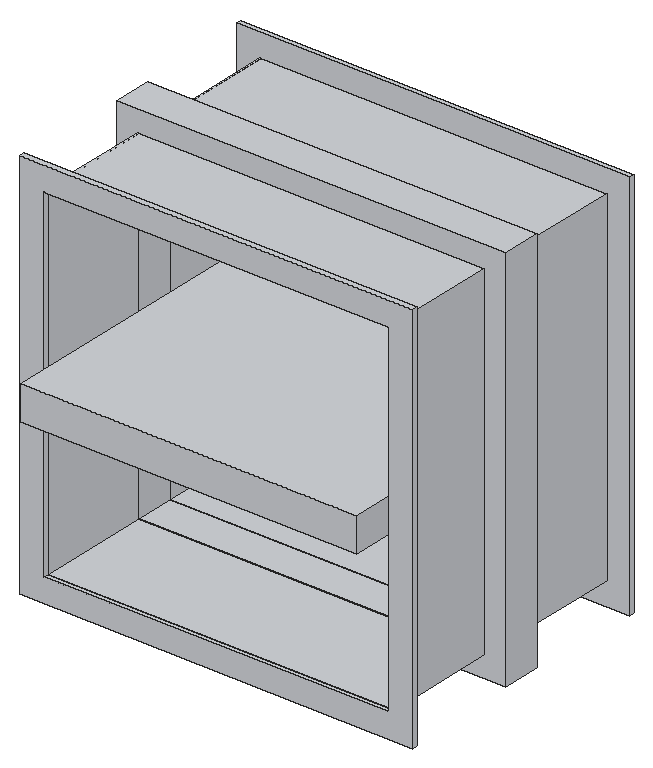
Revit family "MADEL_DAMPER_FIRE PROTECTION_FOK-EIS-120", category Accesorios de conductos, Revit 2015
Parameters (values of type "FOK-EIS-120-H 500x500")
  n_factor = 26.481  # constant formula
  m_factor = 2.161  # constant formula
  c_factor = 4.9567  # constant formula
  b_factor = -0.349  # constant formula
  Vmin = 1.0 m/s  # constant formula
  Vmed = (Vmax + Vmin) / 2  # 4.5 m/s
  Vmax = 8.0 m/s  # constant formula
  V[m/s] [instance] = Q / Afree / 1.0 m/s  # 4.5
  URL = "http://www.madel.com/en/producto/fok-eis-120-dampers-classed-eis-120-with-external-filler/"
  Standard = "UNE-EN 1366-2 / UNE-EN 13501-3"  # constant formula
  Revit Version = "Revit 2015 - English"  # constant formula
  Review Date = "11/2016"  # constant formula
  Q min = Vmin * Afree  # 710.64 m³/h
  Q max = Vmax * Afree  # 5685.12 m³/h
  Q [instance] = 3197.88 m³/h
  Product Type [instance] = Modelo  # "FOK-EIS-120-H 500x500"
  Product Size = "500x500"
  Product Reference [instance] = if(not(H > L), if(and(L = 1100.0 mm, H = 600.0 mm, MA), "Consult Manufacturer", if(and(L = 1200.0 mm, H = 600.0 mm, MA), "Consult Manufacturer", if(and(L = 1300.0 mm, H = 600.0 mm, MA), "Consult Manufacturer", if(and(L = 1400.0 mm, H = 600.0 mm, MA), "Consult Manufacturer", if(and(L = 1500.0 mm, H = 600.0 mm, MA), "Consult Manufacturer", if(MA, if(and(H > 199.0 mm, H < 601.0 mm), if(and(L > 199.0 mm, L < 1501.0 mm), if(Nº Options = 2, if(FBC, "FOK-EIS-120-H-MA-FBC", if(FBA, "FOK-EIS-120-H-MA-FBA", if(FEC, "FOK-EIS-120-H-MA-FEC", if(FEA, "FOK-EIS-120-H-MA-FEA", if(PIF, "FOK-EIS-120-H-MA-PIF", "Consult Manufacturer"))))), if(PIF, if(Nº Options = 3, if(FBC, "FOK-EIS-120-H-MA-FBC-PIF", if(FBA, "FOK-EIS-120-H-MA-FBA-PIF", if(FEC, "FOK-EIS-120-H-MA-FEC-PIF", if(FEA, "FOK-EIS-120-H-MA-FEA-PIF", "Consult Manufacturer")))), "Consult Manufacturer"), if(Nº Options = 1, "FOK-EIS-120-H-MA", "Consult Manufacturer"))), "Consult Manufacturer"), if(and(H > 601.0 mm, H < 801.0 mm), if(and(L > 199.0 mm, L < 1051.0 mm), if(Nº Options = 2, if(FBC, "FOK-EIS-120-H-MA-FBC", if(FBA, "FOK-EIS-120-H-MA-FBA", if(FEC, "FOK-EIS-120-H-MA-FEC", if(FEA, "FOK-EIS-120-H-MA-FEA", if(PIF, "FOK-EIS-120-H-MA-PIF", "Consult Manufacturer"))))), if(PIF, if(Nº Options = 3, if(FBC, "FOK-EIS-120-H-MA-FBC-PIF", if(FBA, "FOK-EIS-120-H-MA-FBA-PIF", if(FEC, "FOK-EIS-120-H-MA-FEC-PIF", if(FEA, "FOK-EIS-120-H-MA-FEA-PIF", "Consult Manufacturer")))), "Consult Manufacturer"), if(Nº Options = 1, "FOK-EIS-120-H-MA", "Consult Manufacturer"))), "Consult Manufacturer"), "Consult Manufacturer")), if(Nº Options = 2, if([7N], if(MO24V, "FOK-EIS-120-H-M7F24", if(MO230V, "FOK-EIS-120-H-M7F230", "Consult Manufacturer")), if([16N], if(MO24V, "FOK-EIS-120-H-M16F24", if(MO230V, "FOK-EIS-120-H-M16F230", "Consult Manufacturer")), "Consult Manufacturer")), "Consult Manufacturer"))))))), if(MA, if(and(H > 249.0 mm, H < 801.0 mm), if(and(L > 199.0 mm, L < 701.0 mm), if(Nº Options = 2, if(FBC, "FOK-EIS-120-V-MA-FBC", if(FBA, "FOK-EIS-120-V-MA-FBA", if(FEC, "FOK-EIS-120-V-MA-FEC", if(FEA, "FOK-EIS-120-V-MA-FEA", if(PIF, "FOK-EIS-120-V-MA-PIF", "Consult Manufacturer"))))), if(PIF, if(Nº Options = 3, if(FBC, "FOK-EIS-120-V-MA-FBC-PIF", if(FBA, "FOK-EIS-120-V-MA-FBA-PIF", if(FEC, "FOK-EIS-120-V-MA-FEC-PIF", if(FEA, "FOK-EIS-120-V-MA-FEA-PIF", "Consult Manufacturer")))), "Consult Manufacturer"), if(Nº Options = 1, "FOK-EIS-120-V-MA", "Consult Manufacturer"))), "Consult Manufacturer"), if(and(H > 249.0 mm, H < 801.0 mm), if(and(L > 199.0 mm, L < 701.0 mm), if(Nº Options = 2, if(FBC, "FOK-EIS-120-V-MA-FBC", if(FBA, "FOK-EIS-120-V-MA-FBA", if(FEC, "FOK-EIS-120-V-MA-FEC", if(FEA, "FOK-EIS-120-V-MA-FEA", if(PIF, "FOK-EIS-120-V-MA-PIF", "Consult Manufacturer"))))), if(PIF, if(Nº Options = 3, if(FBC, "FOK-EIS-120-V-MA-FBC-PIF", if(FBA, "FOK-EIS-120-V-MA-FBA-PIF", if(FEC, "FOK-EIS-120-V-MA-FEC-PIF", if(FEA, "FOK-EIS-120-V-MA-FEA-PIF", "Consult Manufacturer")))), "Consult Manufacturer"), if(Nº Options = 1, "FOK-EIS-120-V-MA", "Consult Manufacturer"))), "Consult Manufacturer"), "Consult Manufacturer")), if(Nº Options = 2, if([7N], if(MO24V, "FOK-EIS-120-V-M7F24", if(MO230V, "FOK-EIS-120-V-M7F230", "Consult Manufacturer")), if([16N], if(MO24V, "FOK-EIS-120-V-M16F24", if(MO230V, "FOK-EIS-120-V-M16F230", "Consult Manufacturer")), "Consult Manufacturer")), "Consult Manufacturer")))  # "FOK-EIS-120-H-M7F230"
  PIF [instance] = no
  Nº Options [instance] = if(MA, 1, 0) + if(PIF, 1, 0) + if(FBA, 1, 0) + if(FBC, 1, 0) + if(FEC, 1, 0) + if(FEA, 1, 0) + if(MO24V, 1, 0) + if(MO230V, 1, 0) + if([16N], 1, 0) + if([7N], 1, 0)  # 2
  Modelo = "FOK-EIS-120-H 500x500"
  Material Damper = none
  M_V2 [instance] = if(or(MO24V, MO230V), 1 = 0, if(and(or(MA, PIF, FBC, FBA, FEC, FEA), Nº Options < 4), 1 = 1, 1 = 0))  # no
  M_V [instance] = if(M_E > 1.0 mm, 1 = 1, 1 = 0)  # yes
  M_L2 [instance] = if(and(MA, Nº Options < 4), 61.2 mm, if(and([7N], Nº Options < 3), 115.3 mm, if(and([16N], Nº Options < 3), 188.7 mm, 1.0 mm)))  # 115.3 mm
  M_L1 [instance] = if(and(MA, Nº Options < 4), 101.1 mm, if(and([7N], Nº Options < 3), 120.8 mm, if(and([16N], Nº Options < 3), 120.8 mm, 1.0 mm)))  # 120.8 mm
  M_E [instance] = if(and(MA, or(MO24V, MO230V), Nº Options = 3), 1.0 mm, if(and(MA, Nº Options < 4), 20.0 mm, if(and([7N], Nº Options < 3), 28.5 mm, if(and([16N], Nº Options < 3), 36.0 mm, 1.0 mm))))  # 28.5 mm
  M_A2 [instance] = if(and(MA, Nº Options < 4), 57.0 mm, if(and([7N], Nº Options < 3), 60.0 mm, if(and([16N], Nº Options < 3), 60.0 mm, 1.0 mm)))  # 60.0 mm
  M_A1 [instance] = if(and(MA, Nº Options < 4), 61.8 mm, if(and([7N], Nº Options < 3), 60.0 mm, if(and([16N], Nº Options < 3), 60.0 mm, 1.0 mm)))  # 60.0 mm
  MO24V [instance] = no
  MO230V [instance] = yes
  MA [instance] = if(or(MO24V, MO230V), 1 = 0, 1 = 1)  # no
  Lw (dB(A)) [instance] = n_factor * (log([V[m/s]]) / log(2.7183)) + c_factor + Kf  # 40.6058
  L = 500.0 mm
  Kr = 0.49519
  Kf = -4.1803
  Imagen de tipo = (empty or 0)
  IfcExportType = "IfcDamperType"  # constant formula
  IfcExportAs = "IfcDamperType"  # constant formula
  H = 500.0 mm
  Fabricante = "MADEL"  # constant formula
  Family Version = "1.0"  # constant formula
  FEC [instance] = no
  FEA [instance] = no
  FBC [instance] = no
  FBA [instance] = no
  Descripción = "MADEL_Dampers classed EIS-120 with external filler"  # constant formula
  DPt [instance] = (10 ^ (log([V[m/s]]) * m_factor + b_factor)) * Kr * 1.0 Pa  # 5.71923 Pa
  Comentarios de tipo = "Fire dampers for rectangular duct mounting. Dampers for horizontal assembly, tested and classed EIS-120 (Integrity, Insulation and smoke leakage during 120 minutes in accordance to the European standard EN-1366-2, to comply with building regulations for fire safety. Dampers with shutting mechanism by thermal fusible link at 72ºC. An expanding joint together an air-tightness joint, as much prevent the propagation of smoke to high as to low temperature."  # constant formula
  Created by = "BIMETRICAL"  # constant formula
  BIMETRICAL Category = "Damper"  # constant formula
  BIMETRICAL = "http://www.bimetrical.com"  # constant formula
  Afree = ((H - 30.0 mm) * (L - 30.0 mm) - 50.0 mm * (L - 30.0 mm))  # 0.1974 m²
  7N [instance] = if(and(MO24V, or(and(H > 199.0 mm, H < 551.0 mm, L > 199.0 mm, L < 1501.0 mm), and(H > 551.0 mm, H < 801.0 mm, L > 199.0 mm, L < 1251.0 mm))), 1 = 1, if(and(MO230V, or(and(H > 199.0 mm, H < 551.0 mm, L > 199.0 mm, L < 1501.0 mm), and(H > 551.0 mm, H < 801.0 mm, L > 199.0 mm, L < 1251.0 mm))), 1 = 1, if(and(MO24V, or(and(H = 900.0 mm, L > 199.0 mm, L < 601.0 mm), and(H = 1000.0 mm, L > 199.0 mm, L < 601.0 mm))), 1 = 1, if(and(MO230V, or(and(H = 900.0 mm, L > 199.0 mm, L < 601.0 mm), and(H = 1000.0 mm, L > 199.0 mm, L < 601.0 mm))), 1 = 1, 1 = 0))))  # yes
  16N [instance] = if(and(MO24V, and(H > 551.0 mm, H < 801.0 mm, L > 1251.0 mm, L < 1501.0 mm)), 1 = 1, if(and(MO230V, and(H > 551.0 mm, H < 801.0 mm, L > 1251.0 mm, L < 1501.0 mm)), 1 = 1, 1 = 0))  # no
Reference planes
  plane 1 "0": z = 0
  plane 2 "Centro (Frontal/Posterior)": y = 245
  plane 3 "Centro (Izquierda/Derecha)": x = 0
  plane 4: z = 285
  plane 5: z = 250
  plane 6: z = 230
  plane 7: z = -285
  plane 8: z = -250
  plane 9: z = -230
  plane 10: x = -250
  plane 11: x = -285
  plane 12: x = 230
  plane 13: x = 250
  plane 14: x = 285
  plane 15: z = 25
  plane 16: z = -25
  plane 17: y = -5
  plane 18: y = 495
  plane 19: y = 445
  plane 20: y = 438
  plane 21: y = 45
  plane 22: y = 52
  plane 23: y = 45
  plane 24: y = 216.5
  plane 25: y = 273.5
  plane 26: y = 306
  plane 27: y = 426
  plane 28: z = 120.8
  plane 29: z = -115.3
  plane 30: x = -279.7
  plane 31: y = 366
  plane 32: x = -251.2
  plane 33: x = -296.3
  plane 34: x = -244.2
  plane 35: x = 244.2
Forms (mm)
  Extrusion 1, solid, material <- "Material Damper"
    sketch origin (0, 245, 5) x (1, 0, 0) y (0, 0, 1)
      loop
        line (-285, 280) -> (-285, -290) -> (285, -290) -> (285, 280) -> (-285, 280)
      loop
        line (-250, -255) -> (250, -255) -> (250, 245) -> (-250, 245) -> (-250, -255)
    from 193 to 200
  Extrusion 2, solid, material <- "Material Damper"
    sketch origin (0, 595, 5) x (1, 0, 0) y (0, 0, 1)
      loop
        line (-285, 280) -> (-285, -290) -> (285, -290) -> (285, 280) -> (-285, 280)
      loop
        line (-250, -255) -> (250, -255) -> (250, 245) -> (-250, 245) -> (-250, -255)
    from 150 to 157
  Extrusion 3, solid, material <- "Material Damper"
    sketch origin (0, 245, 5) x (1, 0, 0) y (0, 0, 1)
      loop
        line (-250, 245) -> (-250, -255) -> (250, -255) -> (250, 245) -> (-250, 245)
      loop
        line (-251.2, 246.2) -> (-251.2, -256.2) -> (251.2, -256.2) -> (251.2, 246.2) -> (-251.2, 246.2)
    from -193 to -28.5
  Extrusion 4, solid, material <- "Material Damper"
    sketch origin (0, 245, 5) x (1, 0, 0) y (0, 0, 1)
      loop
        line (-244.2, 20) -> (-244.2, -30) -> (244.2, -30) -> (244.2, 20) -> (-244.2, 20)
    from -250 to 250
  Extrusion 5, solid, visible <- "M_V"
    sketch origin (0, 0, 0) x (0, 1, 0) y (0, 0, 1)
      loop
        line (426, 120.8) -> (306, 120.8) -> (306, -115.3) -> (426, -115.3) -> (426, 120.8)
    from -279.7 to -251.2
  Extrusion 6, solid, visible <- "M_V2"
    sketch origin (0, 0, 0) x (0, 1, 0) y (0, 0, 1)
      loop
        circle (366, 25) r 15
    from -296.3 to -279.7
  Extrusion 7, solid, material <- "Material Damper"
    sketch origin (0, 45, 5) x (1, 0, 0) y (0, 0, 1)
      loop
        line (-250, 245) -> (-250, -255) -> (250, -255) -> (250, 245) -> (-250, 245)
      loop
        line (-251.2, 246.2) -> (-251.2, -256.2) -> (251.2, -256.2) -> (251.2, 246.2) -> (-251.2, 246.2)
    from -171.5 to -7
  Extrusion 8, solid, material <- "Material Damper"
    sketch origin (0, 245, 5) x (1, 0, 0) y (0, 0, 1)
      loop
        line (250, -255) -> (250, 245) -> (-250, 245) -> (-250, -255) -> (250, -255)
      loop
        line (-282, -287) -> (282, -287) -> (282, 277) -> (-282, 277) -> (-282, -287)
    from -28.5 to 28.5
Dimensions and locks
  locked: Extrusion 3 sketch curve to plane 5 at 1.2
  locked: Extrusion 3 sketch curve to plane 13 at 1.2
  locked: plane 8 to Extrusion 3 sketch curve at 1.2
  "L": plane 10 to plane 13
  locked: plane 15 to plane 16 at 50
  equal spacing: plane 15, plane 1 "0", plane 16
  equal spacing: plane 5, plane 1 "0", plane 8
  equal spacing: plane 10, plane 3 "Centro (Izquierda/Derecha)", plane 13
  locked: plane 23 to plane 22 at 7
  locked: plane 20 to plane 19 at 7
  locked: plane 11 to plane 10 at 35
  locked: plane 14 to plane 13 at 35
  locked: plane 8 to plane 7 at 35
  "H": plane 5 to plane 8
  locked: plane 4 to plane 5 at 35
  "H": plane 17 to plane 18
  equal spacing: plane 17, plane 2 "Centro (Frontal/Posterior)", plane 18
  locked: plane 23 to plane 19 at 400
  locked: plane 31 to plane 2 "Centro (Frontal/Posterior)" at 121
  "M_A2": plane 31 to plane 26
  "M_A1": plane 27 to plane 31
  "M_L2": plane 29 to plane 1 "0"
  "M_L1": plane 1 "0" to plane 28
  plane 32 to plane 10 = 1.2 mm
  "M_E": plane 30 to plane 32
  locked: plane 33 to plane 30 at 16.6
  equal spacing: plane 34, plane 3 "Centro (Izquierda/Derecha)", plane 35
  locked: plane 32 to plane 34 at 7
  locked: plane 8 to Extrusion 8 sketch curve at 32
  locked: Extrusion 8 sketch curve to plane 5 at 32
  locked: Extrusion 1 to Extrusion 8 sketch curve at 32  (x2)
  locked: Extrusion 7 sketch curve to Extrusion 1 at 1.2
  locked: Extrusion 1 to Extrusion 7 sketch curve at 1.2  (x3)
  aligned and locked: Extrusion 1 sketch curve to plane 4
  aligned and locked: Extrusion 1 sketch curve to plane 11
  aligned and locked: Extrusion 1 sketch curve to plane 7
  aligned and locked: Extrusion 1 sketch curve to plane 14
  aligned and locked: plane 8 to Extrusion 1 sketch curve
  aligned and locked: plane 10 to Extrusion 1 sketch curve
  aligned and locked: plane 5 to Extrusion 1 sketch curve
  aligned and locked: plane 13 to Extrusion 1 sketch curve
  aligned and locked: Extrusion 1 to plane 21
  aligned and locked: plane 22 to Extrusion 1
  aligned and locked: Extrusion 2 to plane 19
  aligned and locked: plane 20 to Extrusion 2
  aligned and locked: Extrusion 3 sketch curve to Extrusion 1
  aligned and locked: Extrusion 3 to plane 20
  aligned and locked: Extrusion 3 sketch curve to plane 8
  aligned and locked: Extrusion 3 sketch curve to plane 13
  aligned and locked: Extrusion 4 sketch curve to plane 15
  aligned and locked: Extrusion 4 sketch curve to plane 16
  aligned and locked: Extrusion 4 to plane 17
  aligned and locked: Extrusion 4 to plane 18
  aligned and locked: plane 28 to Extrusion 5 sketch curve
  aligned and locked: Extrusion 5 sketch curve to plane 27
  aligned and locked: Extrusion 5 sketch curve to plane 29
  aligned and locked: plane 26 to Extrusion 5 sketch curve
  aligned and locked: plane 30 to Extrusion 5
  aligned and locked: plane 31 to Extrusion 6 sketch curve
  aligned and locked: plane 33 to Extrusion 6
  aligned and locked: Extrusion 6 to Extrusion 5
  aligned and locked: plane 15 to Extrusion 6 sketch curve
  aligned and locked: Extrusion 4 sketch curve to plane 34
  aligned and locked: Extrusion 4 sketch curve to plane 35
  aligned and locked: plane 25 to Extrusion 3
  aligned and locked: Extrusion 7 to plane 22
  aligned and locked: plane 24 to Extrusion 7
  aligned and locked: Extrusion 8 sketch curve to plane 10
  aligned and locked: Extrusion 8 sketch curve to plane 5
  aligned and locked: Extrusion 8 sketch curve to plane 13
  aligned and locked: Extrusion 8 sketch curve to plane 8
  aligned and locked: Extrusion 8 to plane 25
  aligned and locked: Extrusion 8 to plane 24
  aligned and locked: Extrusion 3 sketch curve to plane 32
  aligned and locked: Extrusion 5 to plane 32
Automatic sketch dimensions
  Extrusion 2 sketch curve to plane 7 = 0.0 mm
  plane 11 to Extrusion 2 sketch curve = 0.0 mm
  Extrusion 2 sketch curve to plane 8 = 0.0 mm
  plane 10 to Extrusion 2 sketch curve = 0.0 mm
  Extrusion 2 sketch curve to plane 13 = 0.0 mm
  Extrusion 2 sketch curve to plane 4 = 0.0 mm
  Extrusion 2 sketch curve to plane 14 = 0.0 mm
  Extrusion 2 sketch curve to plane 5 = 0.0 mm
  Extrusion 7 sketch curve to plane 8 = 0.0 mm
  plane 10 to Extrusion 7 sketch curve = 0.0 mm
  Extrusion 7 sketch curve to plane 13 = 0.0 mm
  Extrusion 7 sketch curve to plane 5 = 0.0 mm
  plane 10 to Extrusion 3 sketch curve = 0.0 mm
  radius of Extrusion 6 sketch curve = 15.0 mm
Connectors
  hvac at (0, 445, 0), driven by "H", driven by "L", driven by "Q"
    settings: on Extrusion 2, index 1, duct flow 3197.88 m³/h, flow factor 0, pres drop 0.0 Pa, loss coef 0, conn angle 0.00°, conn width 500 mm, conn height 500 mm, conn diameter 609.6 mm, duct sys type 29, conn prof type 1, flow config 0, flow direction 0, loss method 4, conn ref index -1, conn util no, is conn primary yes, conn desc ""
  hvac at (0, 45, 0), driven by "H", driven by "L", driven by "DPt", driven by "Q"
    settings: on Extrusion 1, index 2, duct flow 3197.88 m³/h, flow factor 0, pres drop 5.71923 Pa, loss coef 0, conn angle 0.00°, conn width 500 mm, conn height 500 mm, conn diameter 609.6 mm, duct sys type 29, conn prof type 1, flow config 0, flow direction 0, loss method 4, conn ref index -1, conn util no, is conn primary no, conn desc ""
Types (198, lengths in mm): name | Q min | Q max | Q | Product Type | Product Size | Product Reference | Modelo | M_L2 | M_E | Lw (dB(A)) | L | Kr | Kf | H | DPt | Afree | 7N | 16N
  FOK-EIS-120-H 1500x800 | 3810.24 m³/h | 30481.9 m³/h | 17146.1 m³/h | "FOK-EIS-120-H 1500x800" | "1500x800" | "FOK-EIS-120-H-M16F230" | "FOK-EIS-120-H 1500x800" | 188.7 | 36.0 | 49.5751 | 1500.0 | 0.24688 | 4.7889 | 800.0 | 2.85135 Pa | 1.0584 m² | no | yes
  FOK-EIS-120-H 1400x800 | 3551.04 m³/h | 28408.3 m³/h | 15979.7 m³/h | "FOK-EIS-120-H 1400x800" | "1400x800" | "FOK-EIS-120-H-M16F230" | "FOK-EIS-120-H 1400x800" | 188.7 | 36.0 | 49.5751 | 1400.0 | 0.24688 | 4.7889 | 800.0 | 2.85135 Pa | 0.9864 m² | no | yes
  FOK-EIS-120-H 1300x800 | 3291.84 m³/h | 26334.7 m³/h | 14813.3 m³/h | "FOK-EIS-120-H 1300x800" | "1300x800" | "FOK-EIS-120-H-M16F230" | "FOK-EIS-120-H 1300x800" | 188.7 | 36.0 | 49.5751 | 1300.0 | 0.24766 | 4.7889 | 800.0 | 2.86041 Pa | 0.9144 m² | no | yes
  FOK-EIS-120-H 1200x800 | 3032.64 m³/h | 24261.1 m³/h | 13646.9 m³/h | "FOK-EIS-120-H 1200x800" | "1200x800" | "FOK-EIS-120-H-M7F230" | "FOK-EIS-120-H 1200x800" | 115.3 | 28.5 | 49.5751 | 1200.0 | 0.2526 | 4.7889 | 800.0 | 2.91737 Pa | 0.8424 m² | yes | no
  FOK-EIS-120-H 1100x800 | 2773.44 m³/h | 22187.5 m³/h | 12480.5 m³/h | "FOK-EIS-120-H 1100x800" | "1100x800" | "FOK-EIS-120-H-M7F230" | "FOK-EIS-120-H 1100x800" | 115.3 | 28.5 | 49.4988 | 1100.0 | 0.26201 | 4.7126 | 800.0 | 3.02614 Pa | 0.7704 m² | yes | no
  FOK-EIS-120-H 1000x800 | 2514.24 m³/h | 20113.9 m³/h | 11314.1 m³/h | "FOK-EIS-120-H 1000x800" | "1000x800" | "FOK-EIS-120-H-M7F230" | "FOK-EIS-120-H 1000x800" | 115.3 | 28.5 | 49.1131 | 1000.0 | 0.27592 | 4.327 | 800.0 | 3.18673 Pa | 0.6984 m² | yes | no
  FOK-EIS-120-H 900x800 | 2255.04 m³/h | 18040.3 m³/h | 10147.7 m³/h | "FOK-EIS-120-H 900x800" | "900x800" | "FOK-EIS-120-H-M7F230" | "FOK-EIS-120-H 900x800" | 115.3 | 28.5 | 48.4165 | 900.0 | 0.29431 | 3.6304 | 800.0 | 3.39911 Pa | 0.6264 m² | yes | no
  FOK-EIS-120-H 800x800 | 1995.84 m³/h | 15966.7 m³/h | 8981.28 m³/h | "FOK-EIS-120-H 800x800" | "800x800" | "FOK-EIS-120-H-M7F230" | "FOK-EIS-120-H 800x800" | 115.3 | 28.5 | 47.4091 | 800.0 | 0.31718 | 2.6229 | 800.0 | 3.66331 Pa | 0.5544 m² | yes | no
  FOK-EIS-120-H 1500x700 | 3281.04 m³/h | 26248.3 m³/h | 14764.7 m³/h | "FOK-EIS-120-H 1500x700" | "1500x700" | "FOK-EIS-120-H-M16F230" | "FOK-EIS-120-H 1500x700" | 188.7 | 36.0 | 49.5751 | 1500.0 | 0.24925 | 4.7889 | 700.0 | 2.87868 Pa | 0.9114 m² | no | yes
  FOK-EIS-120-H 1400x700 | 3057.84 m³/h | 24462.7 m³/h | 13760.3 m³/h | "FOK-EIS-120-H 1400x700" | "1400x700" | "FOK-EIS-120-H-M16F230" | "FOK-EIS-120-H 1400x700" | 188.7 | 36.0 | 49.5751 | 1400.0 | 0.24925 | 4.7889 | 700.0 | 2.87868 Pa | 0.8494 m² | no | yes
  FOK-EIS-120-H 1300x700 | 2834.64 m³/h | 22677.1 m³/h | 12755.9 m³/h | "FOK-EIS-120-H 1300x700" | "1300x700" | "FOK-EIS-120-H-M16F230" | "FOK-EIS-120-H 1300x700" | 188.7 | 36.0 | 49.5751 | 1300.0 | 0.24981 | 4.7889 | 700.0 | 2.88517 Pa | 0.7874 m² | no | yes
  FOK-EIS-120-H 1200x700 | 2611.44 m³/h | 20891.5 m³/h | 11751.5 m³/h | "FOK-EIS-120-H 1200x700" | "1200x700" | "FOK-EIS-120-H-M7F230" | "FOK-EIS-120-H 1200x700" | 115.3 | 28.5 | 49.5751 | 1200.0 | 0.25431 | 4.7889 | 700.0 | 2.93717 Pa | 0.7254 m² | yes | no
  FOK-EIS-120-H 1100x700 | 2388.24 m³/h | 19105.9 m³/h | 10747.1 m³/h | "FOK-EIS-120-H 1100x700" | "1100x700" | "FOK-EIS-120-H-M7F230" | "FOK-EIS-120-H 1100x700" | 115.3 | 28.5 | 49.4988 | 1100.0 | 0.26332 | 4.7126 | 700.0 | 3.04118 Pa | 0.6634 m² | yes | no
  FOK-EIS-120-H 1000x700 | 2165.04 m³/h | 17320.3 m³/h | 9742.68 m³/h | "FOK-EIS-120-H 1000x700" | "1000x700" | "FOK-EIS-120-H-M7F230" | "FOK-EIS-120-H 1000x700" | 115.3 | 28.5 | 49.1131 | 1000.0 | 0.27682 | 4.327 | 700.0 | 3.19721 Pa | 0.6014 m² | yes | no
  FOK-EIS-120-H 900x700 | 1941.84 m³/h | 15534.7 m³/h | 8738.28 m³/h | "FOK-EIS-120-H 900x700" | "900x700" | "FOK-EIS-120-H-M7F230" | "FOK-EIS-120-H 900x700" | 115.3 | 28.5 | 48.4165 | 900.0 | 0.29484 | 3.6304 | 700.0 | 3.40525 Pa | 0.5394 m² | yes | no
  FOK-EIS-120-H 800x700 | 1718.64 m³/h | 13749.1 m³/h | 7733.88 m³/h | "FOK-EIS-120-H 800x700" | "800x700" | "FOK-EIS-120-H-M7F230" | "FOK-EIS-120-H 800x700" | 115.3 | 28.5 | 47.4091 | 800.0 | 0.31735 | 2.6229 | 700.0 | 3.6653 Pa | 0.4774 m² | yes | no
  FOK-EIS-120-H 700x700 | 1495.44 m³/h | 11963.5 m³/h | 6729.48 m³/h | "FOK-EIS-120-H 700x700" | "700x700" | "FOK-EIS-120-H-M7F230" | "FOK-EIS-120-H 700x700" | 115.3 | 28.5 | 46.0907 | 700.0 | 0.34437 | 1.3045 | 700.0 | 3.97736 Pa | 0.4154 m² | yes | no
  FOK-EIS-120-H 1500x600 | 2751.84 m³/h | 22014.7 m³/h | 12383.3 m³/h | "FOK-EIS-120-H 1500x600" | "1500x600" | "FOK-EIS-120-H-M16F230" | "FOK-EIS-120-H 1500x600" | 188.7 | 36.0 | 48.9788 | 1500.0 | 0.28003 | 4.1926 | 600.0 | 3.23421 Pa | 0.7644 m² | no | yes
  FOK-EIS-120-H 1400x600 | 2564.64 m³/h | 20517.1 m³/h | 11540.9 m³/h | "FOK-EIS-120-H 1400x600" | "1400x600" | "FOK-EIS-120-H-M16F230" | "FOK-EIS-120-H 1400x600" | 188.7 | 36.0 | 48.9788 | 1400.0 | 0.28003 | 4.1926 | 600.0 | 3.23421 Pa | 0.7124 m² | no | yes
  FOK-EIS-120-H 1300x600 | 2377.44 m³/h | 19019.5 m³/h | 10698.5 m³/h | "FOK-EIS-120-H 1300x600" | "1300x600" | "FOK-EIS-120-H-M16F230" | "FOK-EIS-120-H 1300x600" | 188.7 | 36.0 | 48.9788 | 1300.0 | 0.28041 | 4.1926 | 600.0 | 3.23859 Pa | 0.6604 m² | no | yes
  FOK-EIS-120-H 1200x600 | 2190.24 m³/h | 17521.9 m³/h | 9856.08 m³/h | "FOK-EIS-120-H 1200x600" | "1200x600" | "FOK-EIS-120-H-M7F230" | "FOK-EIS-120-H 1200x600" | 115.3 | 28.5 | 48.9788 | 1200.0 | 0.28447 | 4.1926 | 600.0 | 3.28551 Pa | 0.6084 m² | yes | no
  FOK-EIS-120-H 1100x600 | 2003.04 m³/h | 16024.3 m³/h | 9013.68 m³/h | "FOK-EIS-120-H 1100x600" | "1100x600" | "FOK-EIS-120-H-M7F230" | "FOK-EIS-120-H 1100x600" | 115.3 | 28.5 | 48.9069 | 1100.0 | 0.29294 | 4.1208 | 600.0 | 3.38332 Pa | 0.5564 m² | yes | no
  FOK-EIS-120-H 1000x600 | 1815.84 m³/h | 14526.7 m³/h | 8171.28 m³/h | "FOK-EIS-120-H 1000x600" | "1000x600" | "FOK-EIS-120-H-M7F230" | "FOK-EIS-120-H 1000x600" | 115.3 | 28.5 | 48.5314 | 1000.0 | 0.30581 | 3.7452 | 600.0 | 3.532 Pa | 0.5044 m² | yes | no
  FOK-EIS-120-H 900x600 | 1628.64 m³/h | 13029.1 m³/h | 7328.88 m³/h | "FOK-EIS-120-H 900x600" | "900x600" | "FOK-EIS-120-H-M7F230" | "FOK-EIS-120-H 900x600" | 115.3 | 28.5 | 47.8467 | 900.0 | 0.32309 | 3.0605 | 600.0 | 3.73157 Pa | 0.4524 m² | yes | no
  FOK-EIS-120-H 800x600 | 1441.44 m³/h | 11531.5 m³/h | 6486.48 m³/h | "FOK-EIS-120-H 800x600" | "800x600" | "FOK-EIS-120-H-M7F230" | "FOK-EIS-120-H 800x600" | 115.3 | 28.5 | 46.8528 | 800.0 | 0.34478 | 2.0666 | 600.0 | 3.98203 Pa | 0.4004 m² | yes | no
  FOK-EIS-120-H 700x600 | 1254.24 m³/h | 10033.9 m³/h | 5644.08 m³/h | "FOK-EIS-120-H 700x600" | "700x600" | "FOK-EIS-120-H-M7F230" | "FOK-EIS-120-H 700x600" | 115.3 | 28.5 | 45.5497 | 700.0 | 0.37087 | 0.76356 | 600.0 | 4.28336 Pa | 0.3484 m² | yes | no
  FOK-EIS-120-H 600x600 | 1067.04 m³/h | 8536.32 m³/h | 4801.68 m³/h | "FOK-EIS-120-H 600x600" | "600x600" | "FOK-EIS-120-H-M7F230" | "FOK-EIS-120-H 600x600" | 115.3 | 28.5 | 43.9375 | 600.0 | 0.40136 | -0.84866 | 600.0 | 4.63558 Pa | 0.2964 m² | yes | no
  FOK-EIS-120-H 1500x550 | 2487.24 m³/h | 19897.9 m³/h | 11192.6 m³/h | "FOK-EIS-120-H 1500x550" | "1500x550" | "FOK-EIS-120-H-M7F230" | "FOK-EIS-120-H 1500x550" | 115.3 | 28.5 | 48.3627 | 1500.0 | 0.30845 | 3.5765 | 550.0 | 3.56241 Pa | 0.6909 m² | yes | no
  FOK-EIS-120-H 1400x550 | 2318.04 m³/h | 18544.3 m³/h | 10431.2 m³/h | "FOK-EIS-120-H 1400x550" | "1400x550" | "FOK-EIS-120-H-M7F230" | "FOK-EIS-120-H 1400x550" | 115.3 | 28.5 | 48.3627 | 1400.0 | 0.30845 | 3.5765 | 550.0 | 3.56241 Pa | 0.6439 m² | yes | no
  FOK-EIS-120-H 1300x550 | 2148.84 m³/h | 17190.7 m³/h | 9669.78 m³/h | "FOK-EIS-120-H 1300x550" | "1300x550" | "FOK-EIS-120-H-M7F230" | "FOK-EIS-120-H 1300x550" | 115.3 | 28.5 | 48.3627 | 1300.0 | 0.30886 | 3.5765 | 550.0 | 3.56724 Pa | 0.5969 m² | yes | no
  FOK-EIS-120-H 1200x550 | 1979.64 m³/h | 15837.1 m³/h | 8908.38 m³/h | "FOK-EIS-120-H 1200x550" | "1200x550" | "FOK-EIS-120-H-M7F230" | "FOK-EIS-120-H 1200x550" | 115.3 | 28.5 | 48.3627 | 1200.0 | 0.31292 | 3.5765 | 550.0 | 3.61405 Pa | 0.5499 m² | yes | no
  FOK-EIS-120-H 1100x550 | 1810.44 m³/h | 14483.5 m³/h | 8146.98 m³/h | "FOK-EIS-120-H 1100x550" | "1100x550" | "FOK-EIS-120-H-M7F230" | "FOK-EIS-120-H 1100x550" | 115.3 | 28.5 | 48.2873 | 1100.0 | 0.32126 | 3.5011 | 550.0 | 3.71041 Pa | 0.5029 m² | yes | no
  FOK-EIS-120-H 1000x550 | 1641.24 m³/h | 13129.9 m³/h | 7385.58 m³/h | "FOK-EIS-120-H 1000x550" | "1000x550" | "FOK-EIS-120-H-M7F230" | "FOK-EIS-120-H 1000x550" | 115.3 | 28.5 | 47.9073 | 1000.0 | 0.33389 | 3.1211 | 550.0 | 3.85632 Pa | 0.4559 m² | yes | no
  FOK-EIS-120-H 900x550 | 1472.04 m³/h | 11776.3 m³/h | 6624.18 m³/h | "FOK-EIS-120-H 900x550" | "900x550" | "FOK-EIS-120-H-M7F230" | "FOK-EIS-120-H 900x550" | 115.3 | 28.5 | 47.2217 | 900.0 | 0.35082 | 2.4356 | 550.0 | 4.05177 Pa | 0.4089 m² | yes | no
  FOK-EIS-120-H 800x550 | 1302.84 m³/h | 10422.7 m³/h | 5862.78 m³/h | "FOK-EIS-120-H 800x550" | "800x550" | "FOK-EIS-120-H-M7F230" | "FOK-EIS-120-H 800x550" | 115.3 | 28.5 | 46.2306 | 800.0 | 0.37203 | 1.4445 | 550.0 | 4.29676 Pa | 0.3619 m² | yes | no
  FOK-EIS-120-H 700x550 | 1133.64 m³/h | 9069.12 m³/h | 5101.38 m³/h | "FOK-EIS-120-H 700x550" | "700x550" | "FOK-EIS-120-H-M7F230" | "FOK-EIS-120-H 700x550" | 115.3 | 28.5 | 44.934 | 700.0 | 0.39753 | 0.14784 | 550.0 | 4.59131 Pa | 0.3149 m² | yes | no
  FOK-EIS-120-H 600x550 | 964.44 m³/h | 7715.52 m³/h | 4339.98 m³/h | "FOK-EIS-120-H 600x550" | "600x550" | "FOK-EIS-120-H-M7F230" | "FOK-EIS-120-H 600x550" | 115.3 | 28.5 | 43.3318 | 600.0 | 0.42732 | -1.4543 | 550.0 | 4.93539 Pa | 0.2679 m² | yes | no
  FOK-EIS-120-H 550x550 | 879.84 m³/h | 7038.72 m³/h | 3959.28 m³/h | "FOK-EIS-120-H 550x550" | "550x550" | "FOK-EIS-120-H-M7F230" | "FOK-EIS-120-H 550x550" | 115.3 | 28.5 | 42.4162 | 550.0 | 0.44383 | -2.37 | 550.0 | 5.12602 Pa | 0.2444 m² | yes | no
  FOK-EIS-120-H 1500x500 | 2222.64 m³/h | 17781.1 m³/h | 10001.9 m³/h | "FOK-EIS-120-H 1500x500" | "1500x500" | "FOK-EIS-120-H-M7F230" | "FOK-EIS-120-H 1500x500" | 115.3 | 28.5 | 47.5424 | 1500.0 | 0.34555 | 2.7563 | 500.0 | 3.99091 Pa | 0.6174 m² | yes | no
  FOK-EIS-120-H 1400x500 | 2071.44 m³/h | 16571.5 m³/h | 9321.48 m³/h | "FOK-EIS-120-H 1400x500" | "1400x500" | "FOK-EIS-120-H-M7F230" | "FOK-EIS-120-H 1400x500" | 115.3 | 28.5 | 47.5424 | 1400.0 | 0.34555 | 2.7563 | 500.0 | 3.99091 Pa | 0.5754 m² | yes | no
  FOK-EIS-120-H 1300x500 | 1920.24 m³/h | 15361.9 m³/h | 8641.08 m³/h | "FOK-EIS-120-H 1300x500" | "1300x500" | "FOK-EIS-120-H-M7F230" | "FOK-EIS-120-H 1300x500" | 115.3 | 28.5 | 47.5424 | 1300.0 | 0.34609 | 2.7563 | 500.0 | 3.99719 Pa | 0.5334 m² | yes | no
  FOK-EIS-120-H 1200x500 | 1769.04 m³/h | 14152.3 m³/h | 7960.68 m³/h | "FOK-EIS-120-H 1200x500" | "1200x500" | "FOK-EIS-120-H-M7F230" | "FOK-EIS-120-H 1200x500" | 115.3 | 28.5 | 47.5424 | 1200.0 | 0.35027 | 2.7563 | 500.0 | 4.04551 Pa | 0.4914 m² | yes | no
  FOK-EIS-120-H 1100x500 | 1617.84 m³/h | 12942.7 m³/h | 7280.28 m³/h | "FOK-EIS-120-H 1100x500" | "1100x500" | "FOK-EIS-120-H-M7F230" | "FOK-EIS-120-H 1100x500" | 115.3 | 28.5 | 47.4518 | 1100.0 | 0.35859 | 2.6656 | 500.0 | 4.14153 Pa | 0.4494 m² | yes | no
  FOK-EIS-120-H 1000x500 | 1466.64 m³/h | 11733.1 m³/h | 6599.88 m³/h | "FOK-EIS-120-H 1000x500" | "1000x500" | "FOK-EIS-120-H-M7F230" | "FOK-EIS-120-H 1000x500" | 115.3 | 28.5 | 47.061 | 1000.0 | 0.37103 | 2.2748 | 500.0 | 4.28524 Pa | 0.4074 m² | yes | no
  FOK-EIS-120-H 900x500 | 1315.44 m³/h | 10523.5 m³/h | 5919.48 m³/h | "FOK-EIS-120-H 900x500" | "900x500" | "FOK-EIS-120-H-M7F230" | "FOK-EIS-120-H 900x500" | 115.3 | 28.5 | 46.3701 | 900.0 | 0.3876 | 1.5839 | 500.0 | 4.47665 Pa | 0.3654 m² | yes | no
  FOK-EIS-120-H 800x500 | 1164.24 m³/h | 9313.92 m³/h | 5239.08 m³/h | "FOK-EIS-120-H 800x500" | "800x500" | "FOK-EIS-120-H-M7F230" | "FOK-EIS-120-H 800x500" | 115.3 | 28.5 | 45.3792 | 800.0 | 0.40831 | 0.59299 | 500.0 | 4.71575 Pa | 0.3234 m² | yes | no
  FOK-EIS-120-H 700x500 | 1013.04 m³/h | 8104.32 m³/h | 4558.68 m³/h | "FOK-EIS-120-H 700x500" | "700x500" | "FOK-EIS-120-H-M7F230" | "FOK-EIS-120-H 700x500" | 115.3 | 28.5 | 44.0881 | 700.0 | 0.43314 | -0.69804 | 500.0 | 5.00255 Pa | 0.2814 m² | yes | no
  FOK-EIS-120-H 600x500 | 861.84 m³/h | 6894.72 m³/h | 3878.28 m³/h | "FOK-EIS-120-H 600x500" | "600x500" | "FOK-EIS-120-H-M7F230" | "FOK-EIS-120-H 600x500" | 115.3 | 28.5 | 42.497 | 600.0 | 0.4621 | -2.2891 | 500.0 | 5.33704 Pa | 0.2394 m² | yes | no
  FOK-EIS-120-H 550x500 | 786.24 m³/h | 6289.92 m³/h | 3538.08 m³/h | "FOK-EIS-120-H 550x500" | "550x500" | "FOK-EIS-120-H-M7F230" | "FOK-EIS-120-H 550x500" | 115.3 | 28.5 | 41.5889 | 550.0 | 0.47813 | -3.1972 | 500.0 | 5.52217 Pa | 0.2184 m² | yes | no
  FOK-EIS-120-H 500x500 | 710.64 m³/h | 5685.12 m³/h | 3197.88 m³/h | "FOK-EIS-120-H 500x500" | "500x500" | "FOK-EIS-120-H-M7F230" | "FOK-EIS-120-H 500x500" | 115.3 | 28.5 | 40.6058 | 500.0 | 0.49519 | -4.1803 | 500.0 | 5.71923 Pa | 0.1974 m² | yes | no
  FOK-EIS-120-H 1500x450 | 1958.04 m³/h | 15664.3 m³/h | 8811.18 m³/h | "FOK-EIS-120-H 1500x450" | "1500x450" | "FOK-EIS-120-H-M7F230" | "FOK-EIS-120-H 1500x450" | 115.3 | 28.5 | 46.5155 | 1500.0 | 0.39133 | 1.7293 | 450.0 | 4.5197 Pa | 0.5439 m² | yes | no
  FOK-EIS-120-H 1400x450 | 1824.84 m³/h | 14598.7 m³/h | 8211.78 m³/h | "FOK-EIS-120-H 1400x450" | "1400x450" | "FOK-EIS-120-H-M7F230" | "FOK-EIS-120-H 1400x450" | 115.3 | 28.5 | 46.5155 | 1400.0 | 0.39133 | 1.7293 | 450.0 | 4.5197 Pa | 0.5069 m² | yes | no
  FOK-EIS-120-H 1300x450 | 1691.64 m³/h | 13533.1 m³/h | 7612.38 m³/h | "FOK-EIS-120-H 1300x450" | "1300x450" | "FOK-EIS-120-H-M7F230" | "FOK-EIS-120-H 1300x450" | 115.3 | 28.5 | 46.5155 | 1300.0 | 0.39209 | 1.7293 | 450.0 | 4.52843 Pa | 0.4699 m² | yes | no
  FOK-EIS-120-H 1200x450 | 1558.44 m³/h | 12467.5 m³/h | 7012.98 m³/h | "FOK-EIS-120-H 1200x450" | "1200x450" | "FOK-EIS-120-H-M7F230" | "FOK-EIS-120-H 1200x450" | 115.3 | 28.5 | 46.5155 | 1200.0 | 0.39654 | 1.7293 | 450.0 | 4.57988 Pa | 0.4329 m² | yes | no
  FOK-EIS-120-H 1100x450 | 1425.24 m³/h | 11401.9 m³/h | 6413.58 m³/h | "FOK-EIS-120-H 1100x450" | "1100x450" | "FOK-EIS-120-H-M7F230" | "FOK-EIS-120-H 1100x450" | 115.3 | 28.5 | 46.4004 | 1100.0 | 0.40492 | 1.6142 | 450.0 | 4.67667 Pa | 0.3959 m² | yes | no
  FOK-EIS-120-H 1000x450 | 1292.04 m³/h | 10336.3 m³/h | 5814.18 m³/h | "FOK-EIS-120-H 1000x450" | "1000x450" | "FOK-EIS-120-H-M7F230" | "FOK-EIS-120-H 1000x450" | 115.3 | 28.5 | 45.9925 | 1000.0 | 0.41723 | 1.2063 | 450.0 | 4.81878 Pa | 0.3589 m² | yes | no
  FOK-EIS-120-H 900x450 | 1158.84 m³/h | 9270.72 m³/h | 5214.78 m³/h | "FOK-EIS-120-H 900x450" | "900x450" | "FOK-EIS-120-H-M7F230" | "FOK-EIS-120-H 900x450" | 115.3 | 28.5 | 45.2918 | 900.0 | 0.43345 | 0.50565 | 450.0 | 5.00622 Pa | 0.3219 m² | yes | no
  FOK-EIS-120-H 800x450 | 1025.64 m³/h | 8205.12 m³/h | 4615.38 m³/h | "FOK-EIS-120-H 800x450" | "800x450" | "FOK-EIS-120-H-M7F230" | "FOK-EIS-120-H 800x450" | 115.3 | 28.5 | 44.2983 | 800.0 | 0.45361 | -0.48782 | 450.0 | 5.23899 Pa | 0.2849 m² | yes | no
  FOK-EIS-120-H 700x450 | 892.44 m³/h | 7139.52 m³/h | 4015.98 m³/h | "FOK-EIS-120-H 700x450" | "700x450" | "FOK-EIS-120-H-M7F230" | "FOK-EIS-120-H 700x450" | 115.3 | 28.5 | 43.0121 | 700.0 | 0.47769 | -1.7741 | 450.0 | 5.51709 Pa | 0.2479 m² | yes | no
  FOK-EIS-120-H 600x450 | 759.24 m³/h | 6073.92 m³/h | 3416.58 m³/h | "FOK-EIS-120-H 600x450" | "600x450" | "FOK-EIS-120-H-M7F230" | "FOK-EIS-120-H 600x450" | 115.3 | 28.5 | 41.433 | 600.0 | 0.50569 | -3.3531 | 450.0 | 5.84052 Pa | 0.2109 m² | yes | no
  FOK-EIS-120-H 550x450 | 692.64 m³/h | 5541.12 m³/h | 3116.88 m³/h | "FOK-EIS-120-H 550x450" | "550x450" | "FOK-EIS-120-H-M7F230" | "FOK-EIS-120-H 550x450" | 115.3 | 28.5 | 40.5337 | 550.0 | 0.52116 | -4.2525 | 450.0 | 6.01923 Pa | 0.1924 m² | yes | no
  FOK-EIS-120-H 500x450 | 626.04 m³/h | 5008.32 m³/h | 2817.18 m³/h | "FOK-EIS-120-H 500x450" | "500x450" | "FOK-EIS-120-H-M7F230" | "FOK-EIS-120-H 500x450" | 115.3 | 28.5 | 39.5612 | 500.0 | 0.53762 | -5.225 | 450.0 | 6.20928 Pa | 0.1739 m² | yes | no
  FOK-EIS-120-H 450x450 | 559.44 m³/h | 4475.52 m³/h | 2517.48 m³/h | "FOK-EIS-120-H 450x450" | "450x450" | "FOK-EIS-120-H-M7F230" | "FOK-EIS-120-H 450x450" | 115.3 | 28.5 | 38.5155 | 450.0 | 0.55506 | -6.2707 | 450.0 | 6.41065 Pa | 0.1554 m² | yes | no
  FOK-EIS-120-H 1500x400 | 1693.44 m³/h | 13547.5 m³/h | 7620.48 m³/h | "FOK-EIS-120-H 1500x400" | "1500x400" | "FOK-EIS-120-H-M7F230" | "FOK-EIS-120-H 1500x400" | 115.3 | 28.5 | 45.2809 | 1500.0 | 0.44566 | 0.49473 | 400.0 | 5.14722 Pa | 0.4704 m² | yes | no
  FOK-EIS-120-H 1400x400 | 1578.24 m³/h | 12625.9 m³/h | 7102.08 m³/h | "FOK-EIS-120-H 1400x400" | "1400x400" | "FOK-EIS-120-H-M7F230" | "FOK-EIS-120-H 1400x400" | 115.3 | 28.5 | 45.2809 | 1400.0 | 0.44566 | 0.49473 | 400.0 | 5.14722 Pa | 0.4384 m² | yes | no
  FOK-EIS-120-H 1300x400 | 1463.04 m³/h | 11704.3 m³/h | 6583.68 m³/h | "FOK-EIS-120-H 1300x400" | "1300x400" | "FOK-EIS-120-H-M7F230" | "FOK-EIS-120-H 1300x400" | 115.3 | 28.5 | 45.2809 | 1300.0 | 0.44685 | 0.49473 | 400.0 | 5.16097 Pa | 0.4064 m² | yes | no
  FOK-EIS-120-H 1200x400 | 1347.84 m³/h | 10782.7 m³/h | 6065.28 m³/h | "FOK-EIS-120-H 1200x400" | "1200x400" | "FOK-EIS-120-H-M7F230" | "FOK-EIS-120-H 1200x400" | 115.3 | 28.5 | 45.2809 | 1200.0 | 0.45172 | 0.49473 | 400.0 | 5.21717 Pa | 0.3744 m² | yes | no
  FOK-EIS-120-H 1100x400 | 1232.64 m³/h | 9861.12 m³/h | 5546.88 m³/h | "FOK-EIS-120-H 1100x400" | "1100x400" | "FOK-EIS-120-H-M7F230" | "FOK-EIS-120-H 1100x400" | 115.3 | 28.5 | 45.1332 | 1100.0 | 0.46026 | 0.34705 | 400.0 | 5.31582 Pa | 0.3424 m² | yes | no
  FOK-EIS-120-H 1000x400 | 1117.44 m³/h | 8939.52 m³/h | 5028.48 m³/h | "FOK-EIS-120-H 1000x400" | "1000x400" | "FOK-EIS-120-H-M7F230" | "FOK-EIS-120-H 1000x400" | 115.3 | 28.5 | 44.7019 | 1000.0 | 0.47248 | -0.084298 | 400.0 | 5.45692 Pa | 0.3104 m² | yes | no
  FOK-EIS-120-H 900x400 | 1002.24 m³/h | 8017.92 m³/h | 4510.08 m³/h | "FOK-EIS-120-H 900x400" | "900x400" | "FOK-EIS-120-H-M7F230" | "FOK-EIS-120-H 900x400" | 115.3 | 28.5 | 43.9869 | 900.0 | 0.48837 | -0.7993 | 400.0 | 5.64047 Pa | 0.2784 m² | yes | no
  FOK-EIS-120-H 800x400 | 887.04 m³/h | 7096.32 m³/h | 3991.68 m³/h | "FOK-EIS-120-H 800x400" | "800x400" | "FOK-EIS-120-H-M7F230" | "FOK-EIS-120-H 800x400" | 115.3 | 28.5 | 42.9882 | 800.0 | 0.50794 | -1.798 | 400.0 | 5.86647 Pa | 0.2464 m² | yes | no
  FOK-EIS-120-H 700x400 | 771.84 m³/h | 6174.72 m³/h | 3473.28 m³/h | "FOK-EIS-120-H 700x400" | "700x400" | "FOK-EIS-120-H-M7F230" | "FOK-EIS-120-H 700x400" | 115.3 | 28.5 | 41.7059 | 700.0 | 0.53118 | -3.0803 | 400.0 | 6.13492 Pa | 0.2144 m² | yes | no
  FOK-EIS-120-H 600x400 | 656.64 m³/h | 5253.12 m³/h | 2954.88 m³/h | "FOK-EIS-120-H 600x400" | "600x400" | "FOK-EIS-120-H-M7F230" | "FOK-EIS-120-H 600x400" | 115.3 | 28.5 | 40.1399 | 600.0 | 0.5581 | -4.6463 | 400.0 | 6.44583 Pa | 0.1824 m² | yes | no
  FOK-EIS-120-H 550x400 | 599.04 m³/h | 4792.32 m³/h | 2695.68 m³/h | "FOK-EIS-120-H 550x400" | "550x400" | "FOK-EIS-120-H-M7F230" | "FOK-EIS-120-H 550x400" | 115.3 | 28.5 | 39.2505 | 550.0 | 0.57294 | -5.5357 | 400.0 | 6.6172 Pa | 0.1664 m² | yes | no
  FOK-EIS-120-H 500x400 | 541.44 m³/h | 4331.52 m³/h | 2436.48 m³/h | "FOK-EIS-120-H 500x400" | "500x400" | "FOK-EIS-120-H-M7F230" | "FOK-EIS-120-H 500x400" | 115.3 | 28.5 | 38.2902 | 500.0 | 0.58869 | -6.4959 | 400.0 | 6.79918 Pa | 0.1504 m² | yes | no
  FOK-EIS-120-H 450x400 | 483.84 m³/h | 3870.72 m³/h | 2177.28 m³/h | "FOK-EIS-120-H 450x400" | "450x400" | "FOK-EIS-120-H-M7F230" | "FOK-EIS-120-H 450x400" | 115.3 | 28.5 | 37.259 | 450.0 | 0.60537 | -7.5271 | 400.0 | 6.99177 Pa | 0.1344 m² | yes | no
  FOK-EIS-120-H 400x400 | 426.24 m³/h | 3409.92 m³/h | 1918.08 m³/h | "FOK-EIS-120-H 400x400" | "400x400" | "FOK-EIS-120-H-M7F230" | "FOK-EIS-120-H 400x400" | 115.3 | 28.5 | 36.1569 | 400.0 | 0.62296 | -8.6293 | 400.0 | 7.19498 Pa | 0.1184 m² | yes | no
  FOK-EIS-120-H 1500x350 | 1428.84 m³/h | 11430.7 m³/h | 6429.78 m³/h | "FOK-EIS-120-H 1500x350" | "1500x350" | "FOK-EIS-120-H-M7F230" | "FOK-EIS-120-H 1500x350" | 115.3 | 28.5 | 43.8386 | 1500.0 | 0.50836 | -0.94754 | 350.0 | 5.8713 Pa | 0.3969 m² | yes | no
  FOK-EIS-120-H 1400x350 | 1331.64 m³/h | 10653.1 m³/h | 5992.38 m³/h | "FOK-EIS-120-H 1400x350" | "1400x350" | "FOK-EIS-120-H-M7F230" | "FOK-EIS-120-H 1400x350" | 115.3 | 28.5 | 43.8386 | 1400.0 | 0.50836 | -0.94754 | 350.0 | 5.8713 Pa | 0.3699 m² | yes | no
  FOK-EIS-120-H 1300x350 | 1234.44 m³/h | 9875.52 m³/h | 5554.98 m³/h | "FOK-EIS-120-H 1300x350" | "1300x350" | "FOK-EIS-120-H-M7F230" | "FOK-EIS-120-H 1300x350" | 115.3 | 28.5 | 43.8386 | 1300.0 | 0.51039 | -0.94754 | 350.0 | 5.89481 Pa | 0.3429 m² | yes | no
  FOK-EIS-120-H 1200x350 | 1137.24 m³/h | 9097.92 m³/h | 5117.58 m³/h | "FOK-EIS-120-H 1200x350" | "1200x350" | "FOK-EIS-120-H-M7F230" | "FOK-EIS-120-H 1200x350" | 115.3 | 28.5 | 43.8386 | 1200.0 | 0.51581 | -0.94754 | 350.0 | 5.95738 Pa | 0.3159 m² | yes | no
  FOK-EIS-120-H 1100x350 | 1040.04 m³/h | 8320.32 m³/h | 4680.18 m³/h | "FOK-EIS-120-H 1100x350" | "1100x350" | "FOK-EIS-120-H-M7F230" | "FOK-EIS-120-H 1100x350" | 115.3 | 28.5 | 43.6502 | 1100.0 | 0.52461 | -1.136 | 350.0 | 6.059 Pa | 0.2889 m² | yes | no
  FOK-EIS-120-H 1000x350 | 942.84 m³/h | 7542.72 m³/h | 4242.78 m³/h | "FOK-EIS-120-H 1000x350" | "1000x350" | "FOK-EIS-120-H-M7F230" | "FOK-EIS-120-H 1000x350" | 115.3 | 28.5 | 43.1891 | 1000.0 | 0.53679 | -1.5971 | 350.0 | 6.19968 Pa | 0.2619 m² | yes | no
  FOK-EIS-120-H 900x350 | 845.64 m³/h | 6765.12 m³/h | 3805.38 m³/h | "FOK-EIS-120-H 900x350" | "900x350" | "FOK-EIS-120-H-M7F230" | "FOK-EIS-120-H 900x350" | 115.3 | 28.5 | 42.4552 | 900.0 | 0.55235 | -2.3309 | 350.0 | 6.37942 Pa | 0.2349 m² | yes | no
  FOK-EIS-120-H 800x350 | 748.44 m³/h | 5987.52 m³/h | 3367.98 m³/h | "FOK-EIS-120-H 800x350" | "800x350" | "FOK-EIS-120-H-M7F230" | "FOK-EIS-120-H 800x350" | 115.3 | 28.5 | 41.4487 | 800.0 | 0.57129 | -3.3375 | 350.0 | 6.59821 Pa | 0.2079 m² | yes | no
  FOK-EIS-120-H 700x350 | 651.24 m³/h | 5209.92 m³/h | 2930.58 m³/h | "FOK-EIS-120-H 700x350" | "700x350" | "FOK-EIS-120-H-M7F230" | "FOK-EIS-120-H 700x350" | 115.3 | 28.5 | 40.1695 | 700.0 | 0.59362 | -4.6167 | 350.0 | 6.85606 Pa | 0.1809 m² | yes | no
  FOK-EIS-120-H 600x350 | 554.04 m³/h | 4432.32 m³/h | 2493.18 m³/h | "FOK-EIS-120-H 600x350" | "600x350" | "FOK-EIS-120-H-M7F230" | "FOK-EIS-120-H 600x350" | 115.3 | 28.5 | 38.6176 | 600.0 | 0.61933 | -6.1686 | 350.0 | 7.15297 Pa | 0.1539 m² | yes | no
  FOK-EIS-120-H 550x350 | 505.44 m³/h | 4043.52 m³/h | 2274.48 m³/h | "FOK-EIS-120-H 550x350" | "550x350" | "FOK-EIS-120-H-M7F230" | "FOK-EIS-120-H 550x350" | 115.3 | 28.5 | 37.7393 | 550.0 | 0.63345 | -7.0468 | 350.0 | 7.31607 Pa | 0.1404 m² | yes | no
  FOK-EIS-120-H 500x350 | 456.84 m³/h | 3654.72 m³/h | 2055.78 m³/h | "FOK-EIS-120-H 500x350" | "500x350" | "FOK-EIS-120-H-M7F230" | "FOK-EIS-120-H 500x350" | 115.3 | 28.5 | 36.7929 | 500.0 | 0.64842 | -7.9932 | 350.0 | 7.48893 Pa | 0.1269 m² | yes | no
  FOK-EIS-120-H 450x350 | 408.24 m³/h | 3265.92 m³/h | 1837.08 m³/h | "FOK-EIS-120-H 450x350" | "450x350" | "FOK-EIS-120-H-M7F230" | "FOK-EIS-120-H 450x350" | 115.3 | 28.5 | 35.7784 | 450.0 | 0.66423 | -9.0078 | 350.0 | 7.67156 Pa | 0.1134 m² | yes | no
  FOK-EIS-120-H 400x350 | 359.64 m³/h | 2877.12 m³/h | 1618.38 m³/h | "FOK-EIS-120-H 400x350" | "400x350" | "FOK-EIS-120-H-M7F230" | "FOK-EIS-120-H 400x350" | 115.3 | 28.5 | 34.6956 | 400.0 | 0.68089 | -10.0905 | 350.0 | 7.86395 Pa | 0.0999 m² | yes | no
  FOK-EIS-120-H 350x350 | 311.04 m³/h | 2488.32 m³/h | 1399.68 m³/h | "FOK-EIS-120-H 350x350" | "350x350" | "FOK-EIS-120-H-M7F230" | "FOK-EIS-120-H 350x350" | 115.3 | 28.5 | 33.5447 | 350.0 | 0.69839 | -11.2415 | 350.0 | 8.06611 Pa | 0.0864 m² | yes | no
  FOK-EIS-120-H 1500x300 | 1164.24 m³/h | 9313.92 m³/h | 5239.08 m³/h | "FOK-EIS-120-H 1500x300" | "1500x300" | "FOK-EIS-120-H-M7F230" | "FOK-EIS-120-H 1500x300" | 115.3 | 28.5 | 42.2099 | 1500.0 | 0.57924 | -2.5763 | 300.0 | 6.69002 Pa | 0.3234 m² | yes | no
  FOK-EIS-120-H 1400x300 | 1085.04 m³/h | 8680.32 m³/h | 4882.68 m³/h | "FOK-EIS-120-H 1400x300" | "1400x300" | "FOK-EIS-120-H-M7F230" | "FOK-EIS-120-H 1400x300" | 115.3 | 28.5 | 42.2099 | 1400.0 | 0.57963 | -2.5763 | 300.0 | 6.69454 Pa | 0.3014 m² | yes | no
  FOK-EIS-120-H 1300x300 | 1005.84 m³/h | 8046.72 m³/h | 4526.28 m³/h | "FOK-EIS-120-H 1300x300" | "1300x300" | "FOK-EIS-120-H-M7F230" | "FOK-EIS-120-H 1300x300" | 115.3 | 28.5 | 42.2099 | 1300.0 | 0.5827 | -2.5763 | 300.0 | 6.72994 Pa | 0.2794 m² | yes | no
  FOK-EIS-120-H 1200x300 | 926.64 m³/h | 7413.12 m³/h | 4169.88 m³/h | "FOK-EIS-120-H 1200x300" | "1200x300" | "FOK-EIS-120-H-M7F230" | "FOK-EIS-120-H 1200x300" | 115.3 | 28.5 | 42.1887 | 1200.0 | 0.58881 | -2.5975 | 300.0 | 6.80049 Pa | 0.2574 m² | yes | no
  FOK-EIS-120-H 1100x300 | 847.44 m³/h | 6779.52 m³/h | 3813.48 m³/h | "FOK-EIS-120-H 1100x300" | "1100x300" | "FOK-EIS-120-H-M7F230" | "FOK-EIS-120-H 1100x300" | 115.3 | 28.5 | 41.9513 | 1100.0 | 0.59796 | -2.8348 | 300.0 | 6.9062 Pa | 0.2354 m² | yes | no
  FOK-EIS-120-H 1000x300 | 768.24 m³/h | 6145.92 m³/h | 3457.08 m³/h | "FOK-EIS-120-H 1000x300" | "1000x300" | "FOK-EIS-120-H-M7F230" | "FOK-EIS-120-H 1000x300" | 115.3 | 28.5 | 41.4541 | 1000.0 | 0.61016 | -3.3321 | 300.0 | 7.04705 Pa | 0.2134 m² | yes | no
  FOK-EIS-120-H 900x300 | 689.04 m³/h | 5512.32 m³/h | 3100.68 m³/h | "FOK-EIS-120-H 900x300" | "900x300" | "FOK-EIS-120-H-M7F230" | "FOK-EIS-120-H 900x300" | 115.3 | 28.5 | 40.6969 | 900.0 | 0.62539 | -4.0892 | 300.0 | 7.22305 Pa | 0.1914 m² | yes | no
  FOK-EIS-120-H 800x300 | 609.84 m³/h | 4878.72 m³/h | 2744.28 m³/h | "FOK-EIS-120-H 800x300" | "800x300" | "FOK-EIS-120-H-M7F230" | "FOK-EIS-120-H 800x300" | 115.3 | 28.5 | 39.6799 | 800.0 | 0.64368 | -5.1063 | 300.0 | 7.43419 Pa | 0.1694 m² | yes | no
  FOK-EIS-120-H 700x300 | 530.64 m³/h | 4245.12 m³/h | 2387.88 m³/h | "FOK-EIS-120-H 700x300" | "700x300" | "FOK-EIS-120-H-M7F230" | "FOK-EIS-120-H 700x300" | 115.3 | 28.5 | 38.4029 | 700.0 | 0.665 | -6.3832 | 300.0 | 7.68049 Pa | 0.1474 m² | yes | no
  FOK-EIS-120-H 600x300 | 451.44 m³/h | 3611.52 m³/h | 2031.48 m³/h | "FOK-EIS-120-H 600x300" | "600x300" | "FOK-EIS-120-H-M7F230" | "FOK-EIS-120-H 600x300" | 115.3 | 28.5 | 36.8661 | 600.0 | 0.68937 | -7.9201 | 300.0 | 7.96194 Pa | 0.1254 m² | yes | no
  FOK-EIS-120-H 550x300 | 411.84 m³/h | 3294.72 m³/h | 1853.28 m³/h | "FOK-EIS-120-H 550x300" | "550x300" | "FOK-EIS-120-H-M7F230" | "FOK-EIS-120-H 550x300" | 115.3 | 28.5 | 36.0002 | 550.0 | 0.7027 | -8.786 | 300.0 | 8.11584 Pa | 0.1144 m² | yes | no
  FOK-EIS-120-H 500x300 | 372.24 m³/h | 2977.92 m³/h | 1675.08 m³/h | "FOK-EIS-120-H 500x300" | "500x300" | "FOK-EIS-120-H-M7F230" | "FOK-EIS-120-H 500x300" | 115.3 | 28.5 | 35.0693 | 500.0 | 0.71678 | -9.7168 | 300.0 | 8.27853 Pa | 0.1034 m² | yes | no
  FOK-EIS-120-H 450x300 | 332.64 m³/h | 2661.12 m³/h | 1496.88 m³/h | "FOK-EIS-120-H 450x300" | "450x300" | "FOK-EIS-120-H-M7F230" | "FOK-EIS-120-H 450x300" | 115.3 | 28.5 | 34.0735 | 450.0 | 0.73163 | -10.7127 | 300.0 | 8.45001 Pa | 0.0924 m² | yes | no
  FOK-EIS-120-H 400x300 | 293.04 m³/h | 2344.32 m³/h | 1318.68 m³/h | "FOK-EIS-120-H 400x300" | "400x300" | "FOK-EIS-120-H-M7F230" | "FOK-EIS-120-H 400x300" | 115.3 | 28.5 | 33.0127 | 400.0 | 0.74724 | -11.7735 | 300.0 | 8.63028 Pa | 0.0814 m² | yes | no
  FOK-EIS-120-H 350x300 | 253.44 m³/h | 2027.52 m³/h | 1140.48 m³/h | "FOK-EIS-120-H 350x300" | "350x300" | "FOK-EIS-120-H-M7F230" | "FOK-EIS-120-H 350x300" | 115.3 | 28.5 | 31.8869 | 350.0 | 0.76361 | -12.8993 | 300.0 | 8.81933 Pa | 0.0704 m² | yes | no
  FOK-EIS-120-H 300x300 | 213.84 m³/h | 1710.72 m³/h | 962.28 m³/h | "FOK-EIS-120-H 300x300" | "300x300" | "FOK-EIS-120-H-M7F230" | "FOK-EIS-120-H 300x300" | 115.3 | 28.5 | 30.6961 | 300.0 | 0.78074 | -14.0901 | 300.0 | 9.01717 Pa | 0.0594 m² | yes | no
  FOK-EIS-120-H 1500x250 | 899.64 m³/h | 7197.12 m³/h | 4048.38 m³/h | "FOK-EIS-120-H 1500x250" | "1500x250" | "FOK-EIS-120-H-M7F230" | "FOK-EIS-120-H 1500x250" | 115.3 | 28.5 | 40.3863 | 1500.0 | 0.65788 | -4.3998 | 250.0 | 7.59824 Pa | 0.2499 m² | yes | no
  FOK-EIS-120-H 1400x250 | 838.44 m³/h | 6707.52 m³/h | 3772.98 m³/h | "FOK-EIS-120-H 1400x250" | "1400x250" | "FOK-EIS-120-H-M7F230" | "FOK-EIS-120-H 1400x250" | 115.3 | 28.5 | 40.3863 | 1400.0 | 0.6595 | -4.3998 | 250.0 | 7.61694 Pa | 0.2329 m² | yes | no
  FOK-EIS-120-H 1300x250 | 777.24 m³/h | 6217.92 m³/h | 3497.58 m³/h | "FOK-EIS-120-H 1300x250" | "1300x250" | "FOK-EIS-120-H-M7F230" | "FOK-EIS-120-H 1300x250" | 115.3 | 28.5 | 40.3863 | 1300.0 | 0.66378 | -4.3998 | 250.0 | 7.66637 Pa | 0.2159 m² | yes | no
  FOK-EIS-120-H 1200x250 | 716.04 m³/h | 5728.32 m³/h | 3222.18 m³/h | "FOK-EIS-120-H 1200x250" | "1200x250" | "FOK-EIS-120-H-M7F230" | "FOK-EIS-120-H 1200x250" | 115.3 | 28.5 | 40.3311 | 1200.0 | 0.67072 | -4.4551 | 250.0 | 7.74653 Pa | 0.1989 m² | yes | no
  FOK-EIS-120-H 1100x250 | 654.84 m³/h | 5238.72 m³/h | 2946.78 m³/h | "FOK-EIS-120-H 1100x250" | "1100x250" | "FOK-EIS-120-H-M7F230" | "FOK-EIS-120-H 1100x250" | 115.3 | 28.5 | 40.0367 | 1100.0 | 0.68032 | -4.7495 | 250.0 | 7.85741 Pa | 0.1819 m² | yes | no
  FOK-EIS-120-H 1000x250 | 593.64 m³/h | 4749.12 m³/h | 2671.38 m³/h | "FOK-EIS-120-H 1000x250" | "1000x250" | "FOK-EIS-120-H-M7F230" | "FOK-EIS-120-H 1000x250" | 115.3 | 28.5 | 39.497 | 1000.0 | 0.69258 | -5.2892 | 250.0 | 7.99902 Pa | 0.1649 m² | yes | no
  FOK-EIS-120-H 900x250 | 532.44 m³/h | 4259.52 m³/h | 2395.98 m³/h | "FOK-EIS-120-H 900x250" | "900x250" | "FOK-EIS-120-H-M7F230" | "FOK-EIS-120-H 900x250" | 115.3 | 28.5 | 38.712 | 900.0 | 0.7075 | -6.0742 | 250.0 | 8.17136 Pa | 0.1479 m² | yes | no
  FOK-EIS-120-H 800x250 | 471.24 m³/h | 3769.92 m³/h | 2120.58 m³/h | "FOK-EIS-120-H 800x250" | "800x250" | "FOK-EIS-120-H-M7F230" | "FOK-EIS-120-H 800x250" | 115.3 | 28.5 | 37.6817 | 800.0 | 0.72509 | -7.1044 | 250.0 | 8.37443 Pa | 0.1309 m² | yes | no
  FOK-EIS-120-H 700x250 | 410.04 m³/h | 3280.32 m³/h | 1845.18 m³/h | "FOK-EIS-120-H 700x250" | "700x250" | "FOK-EIS-120-H-M7F230" | "FOK-EIS-120-H 700x250" | 115.3 | 28.5 | 36.4062 | 700.0 | 0.74533 | -8.3799 | 250.0 | 8.60822 Pa | 0.1139 m² | yes | no
